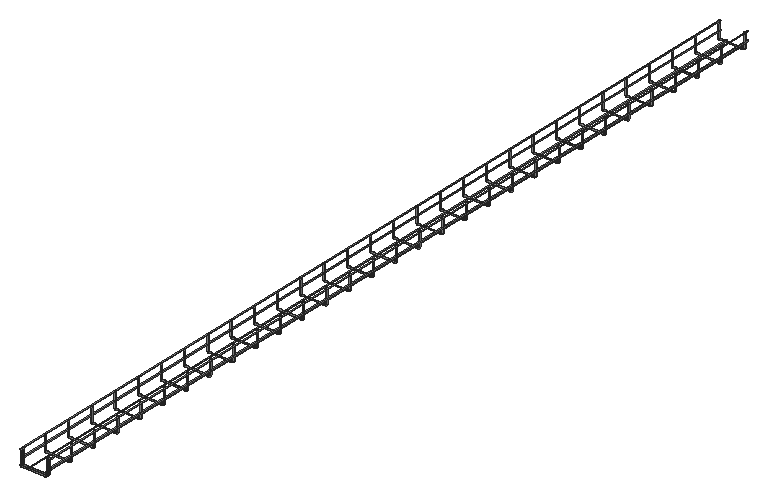
Revit family "Gitterrinne GRM - GRM 200 FT,G, A2,A4", category Generic Models, Revit 2017
Family settings
  Can host rebar = No
  Round Connector Dimension = Use Diameter
  Part Type = Normal
  Work Plane-Based = No
  Always vertical = Yes
  Cut with Voids When Loaded = No
  Shared = No
  Room Calculation Point = No
Parameters (values of type "GRM 55 200 A4")
  Width 1 = Width / 2  # 100 mm
  Width = 200 mm
  URL = "http://www.obo-bettermann.com"
  Material = Stainless steel, A4
  Manufacturer Art.No. = "6001091"
  Manufacturer = "OBO Bettermann"
  Length = 3000 mm
  GTIN = "4012195166061"
  Article Type = "GRM 55 200 A4"
Types (5, lengths in mm): name | Material | Manufacturer Art.No. | GTIN | Article Type
  (no name) | Stainless steel, A4 | "6001091" | "4012195166061" | "GRM 55 200 A4"
  GRM 55 200 G | Electrogalvanised | "6001446" | "4012196858613" | "GRM 55 200 G"
  GRM 55 200 FT | Hot-dip galvanised | "6001420" | "4012196814930" | "GRM 55 200 FT"
  GRM 55 200 A2 | Stainless steel, A2 | "6001076" | "4012196101412" | "GRM 55 200 A2"
  GRM 55 200 A4 | Stainless steel, A4 | "6001091" | "4012195166061" | "GRM 55 200 A4"
Reference planes
  plane 1 "Center (Front/Back)": y = 0
  plane 2: z = 0
  plane 3 "Center (Left/Right)": x = 0
  plane 4: y = -2991.37
  plane 5: y = 8.63
Forms (mm)
  Sweep 1, solid, material "Stainless steel, A4" <- "Material"
    path in 3D
      loop
        line (-44.9, 0, 0) -> (-44.9, 0, -48.992)
        arc (-44.9, 0, -48.992) -> (-43.755, 0, -51.755) -> (-40.992, 0, -52.9) r 3.908
        line (-40.992, 0, -52.9) -> (41.043, 0, -52.9)
        arc (41.043, 0, -52.9) -> (43.77, 0, -51.77) -> (44.9, 0, -49.043) r 3.857
        line (44.9, 0, -49.043) -> (44.9, 0, 0)
    profile origin (44.9, 0, -24.521) x (-1, 0, 0) y (0, -1, 0)
      loop
        circle (0, 0) r 1.9
  Extrusion 2, solid, material "Stainless steel, A4" <- "Material"
    sketch origin (0, 0, 0) x (1, 0, 0) y (0, 0, 1)
      loop
        circle (-48.1, -1.9) r 1.9
      loop
        circle (-48.1, -31) r 1.9
      loop
        circle (-25, -56.1) r 1.9
      loop
        circle (48.1, -1.9) r 1.9
      loop
        circle (48.1, -31) r 1.9
      loop
        circle (25, -56.1) r 1.9
    from -8.63 to 2991.37
  Sweep 3, solid, material "Stainless steel, A4" <- "Material"
    path in 3D
      loop
        line (-44.9, -100, 0) -> (-44.9, -100, -48.992)
        arc (-44.9, -100, -48.992) -> (-43.755, -100, -51.755) -> (-40.992, -100, -52.9) r 3.908
        line (-40.992, -100, -52.9) -> (41.043, -100, -52.9)
        arc (41.043, -100, -52.9) -> (43.77, -100, -51.77) -> (44.9, -100, -49.043) r 3.857
        line (44.9, -100, -49.043) -> (44.9, -100, 0)
    profile origin (44.9, -100, -24.521) x (-1, 0, 0) y (0, -1, 0)
      loop
        circle (0, 0) r 1.9
  Sweep 4, solid, material "Stainless steel, A4" <- "Material"
    path in 3D
      loop
        line (-44.9, -200, 0) -> (-44.9, -200, -48.992)
        arc (-44.9, -200, -48.992) -> (-43.755, -200, -51.755) -> (-40.992, -200, -52.9) r 3.908
        line (-40.992, -200, -52.9) -> (41.043, -200, -52.9)
        arc (41.043, -200, -52.9) -> (43.77, -200, -51.77) -> (44.9, -200, -49.043) r 3.857
        line (44.9, -200, -49.043) -> (44.9, -200, 0)
    profile origin (44.9, -200, -24.521) x (-1, 0, 0) y (0, -1, 0)
      loop
        circle (0, 0) r 1.9
  Sweep 5, solid, material "Stainless steel, A4" <- "Material"
    path in 3D
      loop
        line (-44.9, -300, 0) -> (-44.9, -300, -48.992)
        arc (-44.9, -300, -48.992) -> (-43.755, -300, -51.755) -> (-40.992, -300, -52.9) r 3.908
        line (-40.992, -300, -52.9) -> (41.043, -300, -52.9)
        arc (41.043, -300, -52.9) -> (43.77, -300, -51.77) -> (44.9, -300, -49.043) r 3.857
        line (44.9, -300, -49.043) -> (44.9, -300, 0)
    profile origin (44.9, -300, -24.521) x (-1, 0, 0) y (0, -1, 0)
      loop
        circle (0, 0) r 1.9
  Sweep 6, solid, material "Stainless steel, A4" <- "Material"
    path in 3D
      loop
        line (-44.9, -400, 0) -> (-44.9, -400, -48.992)
        arc (-44.9, -400, -48.992) -> (-43.755, -400, -51.755) -> (-40.992, -400, -52.9) r 3.908
        line (-40.992, -400, -52.9) -> (41.043, -400, -52.9)
        arc (41.043, -400, -52.9) -> (43.77, -400, -51.77) -> (44.9, -400, -49.043) r 3.857
        line (44.9, -400, -49.043) -> (44.9, -400, 0)
    profile origin (44.9, -400, -24.521) x (-1, 0, 0) y (0, -1, 0)
      loop
        circle (0, 0) r 1.9
  Sweep 7, solid, material "Stainless steel, A4" <- "Material"
    path in 3D
      loop
        line (-44.9, -500, 0) -> (-44.9, -500, -48.992)
        arc (-44.9, -500, -48.992) -> (-43.755, -500, -51.755) -> (-40.992, -500, -52.9) r 3.908
        line (-40.992, -500, -52.9) -> (41.043, -500, -52.9)
        arc (41.043, -500, -52.9) -> (43.77, -500, -51.77) -> (44.9, -500, -49.043) r 3.857
        line (44.9, -500, -49.043) -> (44.9, -500, 0)
    profile origin (44.9, -500, -24.521) x (-1, 0, 0) y (0, -1, 0)
      loop
        circle (0, 0) r 1.9
  Sweep 8, solid, material "Stainless steel, A4" <- "Material"
    path in 3D
      loop
        line (-44.9, -600, 0) -> (-44.9, -600, -48.992)
        arc (-44.9, -600, -48.992) -> (-43.755, -600, -51.755) -> (-40.992, -600, -52.9) r 3.908
        line (-40.992, -600, -52.9) -> (41.043, -600, -52.9)
        arc (41.043, -600, -52.9) -> (43.77, -600, -51.77) -> (44.9, -600, -49.043) r 3.857
        line (44.9, -600, -49.043) -> (44.9, -600, 0)
    profile origin (44.9, -600, -24.521) x (-1, 0, 0) y (0, -1, 0)
      loop
        circle (0, 0) r 1.9
  Sweep 9, solid, material "Stainless steel, A4" <- "Material"
    path in 3D
      loop
        line (-44.9, -700, 0) -> (-44.9, -700, -48.992)
        arc (-44.9, -700, -48.992) -> (-43.755, -700, -51.755) -> (-40.992, -700, -52.9) r 3.908
        line (-40.992, -700, -52.9) -> (41.043, -700, -52.9)
        arc (41.043, -700, -52.9) -> (43.77, -700, -51.77) -> (44.9, -700, -49.043) r 3.857
        line (44.9, -700, -49.043) -> (44.9, -700, 0)
    profile origin (44.9, -700, -24.521) x (-1, 0, 0) y (0, -1, 0)
      loop
        circle (0, 0) r 1.9
  Sweep 10, solid, material "Stainless steel, A4" <- "Material"
    path in 3D
      loop
        line (-44.9, -800, 0) -> (-44.9, -800, -48.992)
        arc (-44.9, -800, -48.992) -> (-43.755, -800, -51.755) -> (-40.992, -800, -52.9) r 3.908
        line (-40.992, -800, -52.9) -> (41.043, -800, -52.9)
        arc (41.043, -800, -52.9) -> (43.77, -800, -51.77) -> (44.9, -800, -49.043) r 3.857
        line (44.9, -800, -49.043) -> (44.9, -800, 0)
    profile origin (44.9, -800, -24.521) x (-1, 0, 0) y (0, -1, 0)
      loop
        circle (0, 0) r 1.9
  Sweep 11, solid, material "Stainless steel, A4" <- "Material"
    path in 3D
      loop
        line (-44.9, -900, 0) -> (-44.9, -900, -48.992)
        arc (-44.9, -900, -48.992) -> (-43.755, -900, -51.755) -> (-40.992, -900, -52.9) r 3.908
        line (-40.992, -900, -52.9) -> (41.043, -900, -52.9)
        arc (41.043, -900, -52.9) -> (43.77, -900, -51.77) -> (44.9, -900, -49.043) r 3.857
        line (44.9, -900, -49.043) -> (44.9, -900, 0)
    profile origin (44.9, -900, -24.521) x (-1, 0, 0) y (0, -1, 0)
      loop
        circle (0, 0) r 1.9
  Sweep 12, solid, material "Stainless steel, A4" <- "Material"
    path in 3D
      loop
        line (-44.9, -1000, 0) -> (-44.9, -1000, -48.992)
        arc (-44.9, -1000, -48.992) -> (-43.755, -1000, -51.755) -> (-40.992, -1000, -52.9) r 3.908
        line (-40.992, -1000, -52.9) -> (41.043, -1000, -52.9)
        arc (41.043, -1000, -52.9) -> (43.77, -1000, -51.77) -> (44.9, -1000, -49.043) r 3.857
        line (44.9, -1000, -49.043) -> (44.9, -1000, 0)
    profile origin (44.9, -1000, -24.521) x (-1, 0, 0) y (0, -1, 0)
      loop
        circle (0, 0) r 1.9
  Sweep 13, solid, material "Stainless steel, A4" <- "Material"
    path in 3D
      loop
        line (-44.9, -1100, 0) -> (-44.9, -1100, -48.992)
        arc (-44.9, -1100, -48.992) -> (-43.755, -1100, -51.755) -> (-40.992, -1100, -52.9) r 3.908
        line (-40.992, -1100, -52.9) -> (41.043, -1100, -52.9)
        arc (41.043, -1100, -52.9) -> (43.77, -1100, -51.77) -> (44.9, -1100, -49.043) r 3.857
        line (44.9, -1100, -49.043) -> (44.9, -1100, 0)
    profile origin (44.9, -1100, -24.521) x (-1, 0, 0) y (0, -1, 0)
      loop
        circle (0, 0) r 1.9
  Sweep 14, solid, material "Stainless steel, A4" <- "Material"
    path in 3D
      loop
        line (-44.9, -1200, 0) -> (-44.9, -1200, -48.992)
        arc (-44.9, -1200, -48.992) -> (-43.755, -1200, -51.755) -> (-40.992, -1200, -52.9) r 3.908
        line (-40.992, -1200, -52.9) -> (41.043, -1200, -52.9)
        arc (41.043, -1200, -52.9) -> (43.77, -1200, -51.77) -> (44.9, -1200, -49.043) r 3.857
        line (44.9, -1200, -49.043) -> (44.9, -1200, 0)
    profile origin (44.9, -1200, -24.521) x (-1, 0, 0) y (0, -1, 0)
      loop
        circle (0, 0) r 1.9
  Sweep 15, solid, material "Stainless steel, A4" <- "Material"
    path in 3D
      loop
        line (-44.9, -1300, 0) -> (-44.9, -1300, -48.992)
        arc (-44.9, -1300, -48.992) -> (-43.755, -1300, -51.755) -> (-40.992, -1300, -52.9) r 3.908
        line (-40.992, -1300, -52.9) -> (41.043, -1300, -52.9)
        arc (41.043, -1300, -52.9) -> (43.77, -1300, -51.77) -> (44.9, -1300, -49.043) r 3.857
        line (44.9, -1300, -49.043) -> (44.9, -1300, 0)
    profile origin (44.9, -1300, -24.521) x (-1, 0, 0) y (0, -1, 0)
      loop
        circle (0, 0) r 1.9
  Sweep 16, solid, material "Stainless steel, A4" <- "Material"
    path in 3D
      loop
        line (-44.9, -1400, 0) -> (-44.9, -1400, -48.992)
        arc (-44.9, -1400, -48.992) -> (-43.755, -1400, -51.755) -> (-40.992, -1400, -52.9) r 3.908
        line (-40.992, -1400, -52.9) -> (41.043, -1400, -52.9)
        arc (41.043, -1400, -52.9) -> (43.77, -1400, -51.77) -> (44.9, -1400, -49.043) r 3.857
        line (44.9, -1400, -49.043) -> (44.9, -1400, 0)
    profile origin (44.9, -1400, -24.521) x (-1, 0, 0) y (0, -1, 0)
      loop
        circle (0, 0) r 1.9
  Sweep 17, solid, material "Stainless steel, A4" <- "Material"
    path in 3D
      loop
        line (-44.9, -1500, 0) -> (-44.9, -1500, -48.992)
        arc (-44.9, -1500, -48.992) -> (-43.755, -1500, -51.755) -> (-40.992, -1500, -52.9) r 3.908
        line (-40.992, -1500, -52.9) -> (41.043, -1500, -52.9)
        arc (41.043, -1500, -52.9) -> (43.77, -1500, -51.77) -> (44.9, -1500, -49.043) r 3.857
        line (44.9, -1500, -49.043) -> (44.9, -1500, 0)
    profile origin (44.9, -1500, -24.521) x (-1, 0, 0) y (0, -1, 0)
      loop
        circle (0, 0) r 1.9
  Sweep 18, solid, material "Stainless steel, A4" <- "Material"
    path in 3D
      loop
        line (-44.9, -1600, 0) -> (-44.9, -1600, -48.992)
        arc (-44.9, -1600, -48.992) -> (-43.755, -1600, -51.755) -> (-40.992, -1600, -52.9) r 3.908
        line (-40.992, -1600, -52.9) -> (41.043, -1600, -52.9)
        arc (41.043, -1600, -52.9) -> (43.77, -1600, -51.77) -> (44.9, -1600, -49.043) r 3.857
        line (44.9, -1600, -49.043) -> (44.9, -1600, 0)
    profile origin (44.9, -1600, -24.521) x (-1, 0, 0) y (0, -1, 0)
      loop
        circle (0, 0) r 1.9
  Sweep 19, solid, material "Stainless steel, A4" <- "Material"
    path in 3D
      loop
        line (-44.9, -1700, 0) -> (-44.9, -1700, -48.992)
        arc (-44.9, -1700, -48.992) -> (-43.755, -1700, -51.755) -> (-40.992, -1700, -52.9) r 3.908
        line (-40.992, -1700, -52.9) -> (41.043, -1700, -52.9)
        arc (41.043, -1700, -52.9) -> (43.77, -1700, -51.77) -> (44.9, -1700, -49.043) r 3.857
        line (44.9, -1700, -49.043) -> (44.9, -1700, 0)
    profile origin (44.9, -1700, -24.521) x (-1, 0, 0) y (0, -1, 0)
      loop
        circle (0, 0) r 1.9
  Sweep 20, solid, material "Stainless steel, A4" <- "Material"
    path in 3D
      loop
        line (-44.9, -1800, 0) -> (-44.9, -1800, -48.992)
        arc (-44.9, -1800, -48.992) -> (-43.755, -1800, -51.755) -> (-40.992, -1800, -52.9) r 3.908
        line (-40.992, -1800, -52.9) -> (41.043, -1800, -52.9)
        arc (41.043, -1800, -52.9) -> (43.77, -1800, -51.77) -> (44.9, -1800, -49.043) r 3.857
        line (44.9, -1800, -49.043) -> (44.9, -1800, 0)
    profile origin (44.9, -1800, -24.521) x (-1, 0, 0) y (0, -1, 0)
      loop
        circle (0, 0) r 1.9
  Sweep 21, solid, material "Stainless steel, A4" <- "Material"
    path in 3D
      loop
        line (-44.9, -1900, 0) -> (-44.9, -1900, -48.992)
        arc (-44.9, -1900, -48.992) -> (-43.755, -1900, -51.755) -> (-40.992, -1900, -52.9) r 3.908
        line (-40.992, -1900, -52.9) -> (41.043, -1900, -52.9)
        arc (41.043, -1900, -52.9) -> (43.77, -1900, -51.77) -> (44.9, -1900, -49.043) r 3.857
        line (44.9, -1900, -49.043) -> (44.9, -1900, 0)
    profile origin (44.9, -1900, -24.521) x (-1, 0, 0) y (0, -1, 0)
      loop
        circle (0, 0) r 1.9
  Sweep 22, solid, material "Stainless steel, A4" <- "Material"
    path in 3D
      loop
        line (-44.9, -2000, 0) -> (-44.9, -2000, -48.992)
        arc (-44.9, -2000, -48.992) -> (-43.755, -2000, -51.755) -> (-40.992, -2000, -52.9) r 3.908
        line (-40.992, -2000, -52.9) -> (41.043, -2000, -52.9)
        arc (41.043, -2000, -52.9) -> (43.77, -2000, -51.77) -> (44.9, -2000, -49.043) r 3.857
        line (44.9, -2000, -49.043) -> (44.9, -2000, 0)
    profile origin (44.9, -2000, -24.521) x (-1, 0, 0) y (0, -1, 0)
      loop
        circle (0, 0) r 1.9
  Sweep 23, solid, material "Stainless steel, A4" <- "Material"
    path in 3D
      loop
        line (-44.9, -2100, 0) -> (-44.9, -2100, -48.992)
        arc (-44.9, -2100, -48.992) -> (-43.755, -2100, -51.755) -> (-40.992, -2100, -52.9) r 3.908
        line (-40.992, -2100, -52.9) -> (41.043, -2100, -52.9)
        arc (41.043, -2100, -52.9) -> (43.77, -2100, -51.77) -> (44.9, -2100, -49.043) r 3.857
        line (44.9, -2100, -49.043) -> (44.9, -2100, 0)
    profile origin (44.9, -2100, -24.521) x (-1, 0, 0) y (0, -1, 0)
      loop
        circle (0, 0) r 1.9
  Sweep 24, solid, material "Stainless steel, A4" <- "Material"
    path in 3D
      loop
        line (-44.9, -2200, 0) -> (-44.9, -2200, -48.992)
        arc (-44.9, -2200, -48.992) -> (-43.755, -2200, -51.755) -> (-40.992, -2200, -52.9) r 3.908
        line (-40.992, -2200, -52.9) -> (41.043, -2200, -52.9)
        arc (41.043, -2200, -52.9) -> (43.77, -2200, -51.77) -> (44.9, -2200, -49.043) r 3.857
        line (44.9, -2200, -49.043) -> (44.9, -2200, 0)
    profile origin (44.9, -2200, -24.521) x (-1, 0, 0) y (0, -1, 0)
      loop
        circle (0, 0) r 1.9
  Sweep 25, solid, material "Stainless steel, A4" <- "Material"
    path in 3D
      loop
        line (-44.9, -2300, 0) -> (-44.9, -2300, -48.992)
        arc (-44.9, -2300, -48.992) -> (-43.755, -2300, -51.755) -> (-40.992, -2300, -52.9) r 3.908
        line (-40.992, -2300, -52.9) -> (41.043, -2300, -52.9)
        arc (41.043, -2300, -52.9) -> (43.77, -2300, -51.77) -> (44.9, -2300, -49.043) r 3.857
        line (44.9, -2300, -49.043) -> (44.9, -2300, 0)
    profile origin (44.9, -2300, -24.521) x (-1, 0, 0) y (0, -1, 0)
      loop
        circle (0, 0) r 1.9
  Sweep 26, solid, material "Stainless steel, A4" <- "Material"
    path in 3D
      loop
        line (-44.9, -2400, 0) -> (-44.9, -2400, -48.992)
        arc (-44.9, -2400, -48.992) -> (-43.755, -2400, -51.755) -> (-40.992, -2400, -52.9) r 3.908
        line (-40.992, -2400, -52.9) -> (41.043, -2400, -52.9)
        arc (41.043, -2400, -52.9) -> (43.77, -2400, -51.77) -> (44.9, -2400, -49.043) r 3.857
        line (44.9, -2400, -49.043) -> (44.9, -2400, 0)
    profile origin (44.9, -2400, -24.521) x (-1, 0, 0) y (0, -1, 0)
      loop
        circle (0, 0) r 1.9
  Sweep 27, solid, material "Stainless steel, A4" <- "Material"
    path in 3D
      loop
        line (-44.9, -2500, 0) -> (-44.9, -2500, -48.992)
        arc (-44.9, -2500, -48.992) -> (-43.755, -2500, -51.755) -> (-40.992, -2500, -52.9) r 3.908
        line (-40.992, -2500, -52.9) -> (41.043, -2500, -52.9)
        arc (41.043, -2500, -52.9) -> (43.77, -2500, -51.77) -> (44.9, -2500, -49.043) r 3.857
        line (44.9, -2500, -49.043) -> (44.9, -2500, 0)
    profile origin (44.9, -2500, -24.521) x (-1, 0, 0) y (0, -1, 0)
      loop
        circle (0, 0) r 1.9
  Sweep 28, solid, material "Stainless steel, A4" <- "Material"
    path in 3D
      loop
        line (-44.9, -2600, 0) -> (-44.9, -2600, -48.992)
        arc (-44.9, -2600, -48.992) -> (-43.755, -2600, -51.755) -> (-40.992, -2600, -52.9) r 3.908
        line (-40.992, -2600, -52.9) -> (41.043, -2600, -52.9)
        arc (41.043, -2600, -52.9) -> (43.77, -2600, -51.77) -> (44.9, -2600, -49.043) r 3.857
        line (44.9, -2600, -49.043) -> (44.9, -2600, 0)
    profile origin (44.9, -2600, -24.521) x (-1, 0, 0) y (0, -1, 0)
      loop
        circle (0, 0) r 1.9
  Sweep 29, solid, material "Stainless steel, A4" <- "Material"
    path in 3D
      loop
        line (-44.9, -2700, 0) -> (-44.9, -2700, -48.992)
        arc (-44.9, -2700, -48.992) -> (-43.755, -2700, -51.755) -> (-40.992, -2700, -52.9) r 3.908
        line (-40.992, -2700, -52.9) -> (41.043, -2700, -52.9)
        arc (41.043, -2700, -52.9) -> (43.77, -2700, -51.77) -> (44.9, -2700, -49.043) r 3.857
        line (44.9, -2700, -49.043) -> (44.9, -2700, 0)
    profile origin (44.9, -2700, -24.521) x (-1, 0, 0) y (0, -1, 0)
      loop
        circle (0, 0) r 1.9
  Sweep 30, solid, material "Stainless steel, A4" <- "Material"
    path in 3D
      loop
        line (-44.9, -2800, 0) -> (-44.9, -2800, -48.992)
        arc (-44.9, -2800, -48.992) -> (-43.755, -2800, -51.755) -> (-40.992, -2800, -52.9) r 3.908
        line (-40.992, -2800, -52.9) -> (41.043, -2800, -52.9)
        arc (41.043, -2800, -52.9) -> (43.77, -2800, -51.77) -> (44.9, -2800, -49.043) r 3.857
        line (44.9, -2800, -49.043) -> (44.9, -2800, 0)
    profile origin (44.9, -2800, -24.521) x (-1, 0, 0) y (0, -1, 0)
      loop
        circle (0, 0) r 1.9
  Sweep 31, solid, material "Stainless steel, A4" <- "Material"
    path in 3D
      loop
        line (-44.9, -2900, 0) -> (-44.9, -2900, -48.992)
        arc (-44.9, -2900, -48.992) -> (-43.755, -2900, -51.755) -> (-40.992, -2900, -52.9) r 3.908
        line (-40.992, -2900, -52.9) -> (41.043, -2900, -52.9)
        arc (41.043, -2900, -52.9) -> (43.77, -2900, -51.77) -> (44.9, -2900, -49.043) r 3.857
        line (44.9, -2900, -49.043) -> (44.9, -2900, 0)
    profile origin (44.9, -2900, -24.521) x (-1, 0, 0) y (0, -1, 0)
      loop
        circle (0, 0) r 1.9
  Sweep 32, solid, material "Stainless steel, A4" <- "Material"
    path in 3D
      loop
        line (-44.9, -2995.782, 0) -> (-44.9, -2995.782, -48.992)
        arc (-44.9, -2995.782, -48.992) -> (-43.755, -2995.782, -51.755) -> (-40.992, -2995.782, -52.9) r 3.908
        line (-40.992, -2995.782, -52.9) -> (41.043, -2995.782, -52.9)
        arc (41.043, -2995.782, -52.9) -> (43.77, -2995.782, -51.77) -> (44.9, -2995.782, -49.043) r 3.857
        line (44.9, -2995.782, -49.043) -> (44.9, -2995.782, 0)
    profile origin (44.9, -2995.782, -24.521) x (-1, 0, 0) y (0, -1, 0)
      loop
        circle (0, 0) r 1.9
  Sweep 33, solid, material "Stainless steel, A4" <- "Material"
    path in 3D
      loop
        line (-44.9, -3004.099, 0) -> (-44.9, -3004.099, -48.992)
        arc (-44.9, -3004.099, -48.992) -> (-43.755, -3004.099, -51.755) -> (-40.992, -3004.099, -52.9) r 3.908
        line (-40.992, -3004.099, -52.9) -> (41.043, -3004.099, -52.9)
        arc (41.043, -3004.099, -52.9) -> (43.77, -3004.099, -51.77) -> (44.9, -3004.099, -49.043) r 3.857
        line (44.9, -3004.099, -49.043) -> (44.9, -3004.099, 0)
    profile origin (44.9, -3004.099, -24.521) x (-1, 0, 0) y (0, -1, 0)
      loop
        circle (0, 0) r 1.9
Lines and regions (mm)
  reference lines
    curve 1: line (-100, 0, 0) -> (-100, 0, -48.992)
    curve 2: line (-96.092, 0, -52.9) -> (96.143, 0, -52.9)
    curve 3: line (100, 0, -49.043) -> (100, 0, 0)
    curve 4: arc (96.143, 0, -52.9) -> (98.87, 0, -51.77) -> (100, 0, -49.043) r 3.857
    curve 5: arc (-100, 0, -48.992) -> (-98.855, 0, -51.755) -> (-96.092, 0, -52.9) r 3.908
  sketch lines
    curve 6: line (44.9, 0, -49.043) -> (44.9, 0, 0)
    curve 7: arc (41.043, 0, -52.9) -> (43.77, 0, -51.77) -> (44.9, 0, -49.043) r 3.857
    curve 8: line (-40.992, 0, -52.9) -> (41.043, 0, -52.9)
    curve 9: arc (-44.9, 0, -48.992) -> (-43.755, 0, -51.755) -> (-40.992, 0, -52.9) r 3.908
    curve 10: line (-44.9, 0, 0) -> (-44.9, 0, -48.992)
    curve 11: line (44.9, -100, -49.043) -> (44.9, -100, 0)
    curve 12: arc (41.043, -100, -52.9) -> (43.77, -100, -51.77) -> (44.9, -100, -49.043) r 3.857
    curve 13: line (-40.992, -100, -52.9) -> (41.043, -100, -52.9)
    curve 14: arc (-44.9, -100, -48.992) -> (-43.755, -100, -51.755) -> (-40.992, -100, -52.9) r 3.908
    curve 15: line (-44.9, -100, 0) -> (-44.9, -100, -48.992)
    curve 16: line (44.9, -200, -49.043) -> (44.9, -200, 0)
    curve 17: arc (41.043, -200, -52.9) -> (43.77, -200, -51.77) -> (44.9, -200, -49.043) r 3.857
    curve 18: line (-40.992, -200, -52.9) -> (41.043, -200, -52.9)
    curve 19: arc (-44.9, -200, -48.992) -> (-43.755, -200, -51.755) -> (-40.992, -200, -52.9) r 3.908
    curve 20: line (-44.9, -200, 0) -> (-44.9, -200, -48.992)
    curve 21: line (44.9, -300, -49.043) -> (44.9, -300, 0)
    curve 22: arc (41.043, -300, -52.9) -> (43.77, -300, -51.77) -> (44.9, -300, -49.043) r 3.857
    curve 23: line (-40.992, -300, -52.9) -> (41.043, -300, -52.9)
    curve 24: arc (-44.9, -300, -48.992) -> (-43.755, -300, -51.755) -> (-40.992, -300, -52.9) r 3.908
    curve 25: line (-44.9, -300, 0) -> (-44.9, -300, -48.992)
    curve 26: line (44.9, -400, -49.043) -> (44.9, -400, 0)
    curve 27: arc (41.043, -400, -52.9) -> (43.77, -400, -51.77) -> (44.9, -400, -49.043) r 3.857
    curve 28: line (-40.992, -400, -52.9) -> (41.043, -400, -52.9)
    curve 29: arc (-44.9, -400, -48.992) -> (-43.755, -400, -51.755) -> (-40.992, -400, -52.9) r 3.908
    curve 30: line (-44.9, -400, 0) -> (-44.9, -400, -48.992)
    curve 31: line (44.9, -500, -49.043) -> (44.9, -500, 0)
    curve 32: arc (41.043, -500, -52.9) -> (43.77, -500, -51.77) -> (44.9, -500, -49.043) r 3.857
    curve 33: line (-40.992, -500, -52.9) -> (41.043, -500, -52.9)
    curve 34: arc (-44.9, -500, -48.992) -> (-43.755, -500, -51.755) -> (-40.992, -500, -52.9) r 3.908
    curve 35: line (-44.9, -500, 0) -> (-44.9, -500, -48.992)
    curve 36: line (44.9, -600, -49.043) -> (44.9, -600, 0)
    curve 37: arc (41.043, -600, -52.9) -> (43.77, -600, -51.77) -> (44.9, -600, -49.043) r 3.857
    curve 38: line (-40.992, -600, -52.9) -> (41.043, -600, -52.9)
    curve 39: arc (-44.9, -600, -48.992) -> (-43.755, -600, -51.755) -> (-40.992, -600, -52.9) r 3.908
    curve 40: line (-44.9, -600, 0) -> (-44.9, -600, -48.992)
    curve 41: line (44.9, -700, -49.043) -> (44.9, -700, 0)
    curve 42: arc (41.043, -700, -52.9) -> (43.77, -700, -51.77) -> (44.9, -700, -49.043) r 3.857
    curve 43: line (-40.992, -700, -52.9) -> (41.043, -700, -52.9)
    curve 44: arc (-44.9, -700, -48.992) -> (-43.755, -700, -51.755) -> (-40.992, -700, -52.9) r 3.908
    curve 45: line (-44.9, -700, 0) -> (-44.9, -700, -48.992)
    curve 46: line (44.9, -800, -49.043) -> (44.9, -800, 0)
    curve 47: arc (41.043, -800, -52.9) -> (43.77, -800, -51.77) -> (44.9, -800, -49.043) r 3.857
    curve 48: line (-40.992, -800, -52.9) -> (41.043, -800, -52.9)
    curve 49: arc (-44.9, -800, -48.992) -> (-43.755, -800, -51.755) -> (-40.992, -800, -52.9) r 3.908
    curve 50: line (-44.9, -800, 0) -> (-44.9, -800, -48.992)
    curve 51: line (44.9, -900, -49.043) -> (44.9, -900, 0)
    curve 52: arc (41.043, -900, -52.9) -> (43.77, -900, -51.77) -> (44.9, -900, -49.043) r 3.857
    curve 53: line (-40.992, -900, -52.9) -> (41.043, -900, -52.9)
    curve 54: arc (-44.9, -900, -48.992) -> (-43.755, -900, -51.755) -> (-40.992, -900, -52.9) r 3.908
    curve 55: line (-44.9, -900, 0) -> (-44.9, -900, -48.992)
    curve 56: line (44.9, -1000, -49.043) -> (44.9, -1000, 0)
    curve 57: arc (41.043, -1000, -52.9) -> (43.77, -1000, -51.77) -> (44.9, -1000, -49.043) r 3.857
    curve 58: line (-40.992, -1000, -52.9) -> (41.043, -1000, -52.9)
    curve 59: arc (-44.9, -1000, -48.992) -> (-43.755, -1000, -51.755) -> (-40.992, -1000, -52.9) r 3.908
    curve 60: line (-44.9, -1000, 0) -> (-44.9, -1000, -48.992)
    curve 61: line (44.9, -1100, -49.043) -> (44.9, -1100, 0)
    curve 62: arc (41.043, -1100, -52.9) -> (43.77, -1100, -51.77) -> (44.9, -1100, -49.043) r 3.857
    curve 63: line (-40.992, -1100, -52.9) -> (41.043, -1100, -52.9)
    curve 64: arc (-44.9, -1100, -48.992) -> (-43.755, -1100, -51.755) -> (-40.992, -1100, -52.9) r 3.908
    curve 65: line (-44.9, -1100, 0) -> (-44.9, -1100, -48.992)
    curve 66: line (44.9, -1200, -49.043) -> (44.9, -1200, 0)
    curve 67: arc (41.043, -1200, -52.9) -> (43.77, -1200, -51.77) -> (44.9, -1200, -49.043) r 3.857
    curve 68: line (-40.992, -1200, -52.9) -> (41.043, -1200, -52.9)
    curve 69: arc (-44.9, -1200, -48.992) -> (-43.755, -1200, -51.755) -> (-40.992, -1200, -52.9) r 3.908
    curve 70: line (-44.9, -1200, 0) -> (-44.9, -1200, -48.992)
    curve 71: line (44.9, -1300, -49.043) -> (44.9, -1300, 0)
    curve 72: arc (41.043, -1300, -52.9) -> (43.77, -1300, -51.77) -> (44.9, -1300, -49.043) r 3.857
    curve 73: line (-40.992, -1300, -52.9) -> (41.043, -1300, -52.9)
    curve 74: arc (-44.9, -1300, -48.992) -> (-43.755, -1300, -51.755) -> (-40.992, -1300, -52.9) r 3.908
    curve 75: line (-44.9, -1300, 0) -> (-44.9, -1300, -48.992)
    curve 76: line (44.9, -1400, -49.043) -> (44.9, -1400, 0)
    curve 77: arc (41.043, -1400, -52.9) -> (43.77, -1400, -51.77) -> (44.9, -1400, -49.043) r 3.857
    curve 78: line (-40.992, -1400, -52.9) -> (41.043, -1400, -52.9)
    curve 79: arc (-44.9, -1400, -48.992) -> (-43.755, -1400, -51.755) -> (-40.992, -1400, -52.9) r 3.908
    curve 80: line (-44.9, -1400, 0) -> (-44.9, -1400, -48.992)
    curve 81: line (44.9, -1500, -49.043) -> (44.9, -1500, 0)
    curve 82: arc (41.043, -1500, -52.9) -> (43.77, -1500, -51.77) -> (44.9, -1500, -49.043) r 3.857
    curve 83: line (-40.992, -1500, -52.9) -> (41.043, -1500, -52.9)
    curve 84: arc (-44.9, -1500, -48.992) -> (-43.755, -1500, -51.755) -> (-40.992, -1500, -52.9) r 3.908
    curve 85: line (-44.9, -1500, 0) -> (-44.9, -1500, -48.992)
    curve 86: line (44.9, -1600, -49.043) -> (44.9, -1600, 0)
    curve 87: arc (41.043, -1600, -52.9) -> (43.77, -1600, -51.77) -> (44.9, -1600, -49.043) r 3.857
    curve 88: line (-40.992, -1600, -52.9) -> (41.043, -1600, -52.9)
    curve 89: arc (-44.9, -1600, -48.992) -> (-43.755, -1600, -51.755) -> (-40.992, -1600, -52.9) r 3.908
    curve 90: line (-44.9, -1600, 0) -> (-44.9, -1600, -48.992)
    curve 91: line (44.9, -1700, -49.043) -> (44.9, -1700, 0)
    curve 92: arc (41.043, -1700, -52.9) -> (43.77, -1700, -51.77) -> (44.9, -1700, -49.043) r 3.857
    curve 93: line (-40.992, -1700, -52.9) -> (41.043, -1700, -52.9)
    curve 94: arc (-44.9, -1700, -48.992) -> (-43.755, -1700, -51.755) -> (-40.992, -1700, -52.9) r 3.908
    curve 95: line (-44.9, -1700, 0) -> (-44.9, -1700, -48.992)
    curve 96: line (44.9, -1800, -49.043) -> (44.9, -1800, 0)
    curve 97: arc (41.043, -1800, -52.9) -> (43.77, -1800, -51.77) -> (44.9, -1800, -49.043) r 3.857
    curve 98: line (-40.992, -1800, -52.9) -> (41.043, -1800, -52.9)
    curve 99: arc (-44.9, -1800, -48.992) -> (-43.755, -1800, -51.755) -> (-40.992, -1800, -52.9) r 3.908
    curve 100: line (-44.9, -1800, 0) -> (-44.9, -1800, -48.992)
    curve 101: line (44.9, -1900, -49.043) -> (44.9, -1900, 0)
    curve 102: arc (41.043, -1900, -52.9) -> (43.77, -1900, -51.77) -> (44.9, -1900, -49.043) r 3.857
    curve 103: line (-40.992, -1900, -52.9) -> (41.043, -1900, -52.9)
    curve 104: arc (-44.9, -1900, -48.992) -> (-43.755, -1900, -51.755) -> (-40.992, -1900, -52.9) r 3.908
    curve 105: line (-44.9, -1900, 0) -> (-44.9, -1900, -48.992)
    curve 106: line (44.9, -2000, -49.043) -> (44.9, -2000, 0)
    curve 107: arc (41.043, -2000, -52.9) -> (43.77, -2000, -51.77) -> (44.9, -2000, -49.043) r 3.857
    curve 108: line (-40.992, -2000, -52.9) -> (41.043, -2000, -52.9)
    curve 109: arc (-44.9, -2000, -48.992) -> (-43.755, -2000, -51.755) -> (-40.992, -2000, -52.9) r 3.908
    curve 110: line (-44.9, -2000, 0) -> (-44.9, -2000, -48.992)
    curve 111: line (44.9, -2100, -49.043) -> (44.9, -2100, 0)
    curve 112: arc (41.043, -2100, -52.9) -> (43.77, -2100, -51.77) -> (44.9, -2100, -49.043) r 3.857
    curve 113: line (-40.992, -2100, -52.9) -> (41.043, -2100, -52.9)
    curve 114: arc (-44.9, -2100, -48.992) -> (-43.755, -2100, -51.755) -> (-40.992, -2100, -52.9) r 3.908
    curve 115: line (-44.9, -2100, 0) -> (-44.9, -2100, -48.992)
    curve 116: line (44.9, -2200, -49.043) -> (44.9, -2200, 0)
    curve 117: arc (41.043, -2200, -52.9) -> (43.77, -2200, -51.77) -> (44.9, -2200, -49.043) r 3.857
    curve 118: line (-40.992, -2200, -52.9) -> (41.043, -2200, -52.9)
    curve 119: arc (-44.9, -2200, -48.992) -> (-43.755, -2200, -51.755) -> (-40.992, -2200, -52.9) r 3.908
    curve 120: line (-44.9, -2200, 0) -> (-44.9, -2200, -48.992)
    curve 121: line (44.9, -2300, -49.043) -> (44.9, -2300, 0)
    curve 122: arc (41.043, -2300, -52.9) -> (43.77, -2300, -51.77) -> (44.9, -2300, -49.043) r 3.857
    curve 123: line (-40.992, -2300, -52.9) -> (41.043, -2300, -52.9)
    curve 124: arc (-44.9, -2300, -48.992) -> (-43.755, -2300, -51.755) -> (-40.992, -2300, -52.9) r 3.908
    curve 125: line (-44.9, -2300, 0) -> (-44.9, -2300, -48.992)
    curve 126: line (44.9, -2400, -49.043) -> (44.9, -2400, 0)
    curve 127: arc (41.043, -2400, -52.9) -> (43.77, -2400, -51.77) -> (44.9, -2400, -49.043) r 3.857
    curve 128: line (-40.992, -2400, -52.9) -> (41.043, -2400, -52.9)
    curve 129: arc (-44.9, -2400, -48.992) -> (-43.755, -2400, -51.755) -> (-40.992, -2400, -52.9) r 3.908
    curve 130: line (-44.9, -2400, 0) -> (-44.9, -2400, -48.992)
    curve 131: line (44.9, -2500, -49.043) -> (44.9, -2500, 0)
    curve 132: arc (41.043, -2500, -52.9) -> (43.77, -2500, -51.77) -> (44.9, -2500, -49.043) r 3.857
    curve 133: line (-40.992, -2500, -52.9) -> (41.043, -2500, -52.9)
    curve 134: arc (-44.9, -2500, -48.992) -> (-43.755, -2500, -51.755) -> (-40.992, -2500, -52.9) r 3.908
    curve 135: line (-44.9, -2500, 0) -> (-44.9, -2500, -48.992)
    curve 136: line (44.9, -2600, -49.043) -> (44.9, -2600, 0)
    curve 137: arc (41.043, -2600, -52.9) -> (43.77, -2600, -51.77) -> (44.9, -2600, -49.043) r 3.857
    curve 138: line (-40.992, -2600, -52.9) -> (41.043, -2600, -52.9)
    curve 139: arc (-44.9, -2600, -48.992) -> (-43.755, -2600, -51.755) -> (-40.992, -2600, -52.9) r 3.908
    curve 140: line (-44.9, -2600, 0) -> (-44.9, -2600, -48.992)
    curve 141: line (44.9, -2700, -49.043) -> (44.9, -2700, 0)
    curve 142: arc (41.043, -2700, -52.9) -> (43.77, -2700, -51.77) -> (44.9, -2700, -49.043) r 3.857
    curve 143: line (-40.992, -2700, -52.9) -> (41.043, -2700, -52.9)
    curve 144: arc (-44.9, -2700, -48.992) -> (-43.755, -2700, -51.755) -> (-40.992, -2700, -52.9) r 3.908
    curve 145: line (-44.9, -2700, 0) -> (-44.9, -2700, -48.992)
    curve 146: line (44.9, -2800, -49.043) -> (44.9, -2800, 0)
    curve 147: arc (41.043, -2800, -52.9) -> (43.77, -2800, -51.77) -> (44.9, -2800, -49.043) r 3.857
    curve 148: line (-40.992, -2800, -52.9) -> (41.043, -2800, -52.9)
    curve 149: arc (-44.9, -2800, -48.992) -> (-43.755, -2800, -51.755) -> (-40.992, -2800, -52.9) r 3.908
    curve 150: line (-44.9, -2800, 0) -> (-44.9, -2800, -48.992)
    curve 151: line (44.9, -2900, -49.043) -> (44.9, -2900, 0)
    curve 152: arc (41.043, -2900, -52.9) -> (43.77, -2900, -51.77) -> (44.9, -2900, -49.043) r 3.857
    curve 153: line (-40.992, -2900, -52.9) -> (41.043, -2900, -52.9)
    curve 154: arc (-44.9, -2900, -48.992) -> (-43.755, -2900, -51.755) -> (-40.992, -2900, -52.9) r 3.908
    curve 155: line (-44.9, -2900, 0) -> (-44.9, -2900, -48.992)
    curve 156: line (44.9, -2995.782, -49.043) -> (44.9, -2995.782, 0)
    curve 157: arc (41.043, -2995.782, -52.9) -> (43.77, -2995.782, -51.77) -> (44.9, -2995.782, -49.043) r 3.857
    curve 158: line (-40.992, -2995.782, -52.9) -> (41.043, -2995.782, -52.9)
    curve 159: arc (-44.9, -2995.782, -48.992) -> (-43.755, -2995.782, -51.755) -> (-40.992, -2995.782, -52.9) r 3.908
    curve 160: line (-44.9, -2995.782, 0) -> (-44.9, -2995.782, -48.992)
    curve 161: line (44.9, -3004.099, -49.043) -> (44.9, -3004.099, 0)
    curve 162: arc (41.043, -3004.099, -52.9) -> (43.77, -3004.099, -51.77) -> (44.9, -3004.099, -49.043) r 3.857
    curve 163: line (-40.992, -3004.099, -52.9) -> (41.043, -3004.099, -52.9)
    curve 164: arc (-44.9, -3004.099, -48.992) -> (-43.755, -3004.099, -51.755) -> (-40.992, -3004.099, -52.9) r 3.908
    curve 165: line (-44.9, -3004.099, 0) -> (-44.9, -3004.099, -48.992)
Dimensions and locks
  "Width": curve 1 to curve 3
  "Width 1": curve 1 to plane 3 "Center (Left/Right)"
  locked: level to curve 2 at 52.9
  locked: plane 3 "Center (Left/Right)" to Extrusion 2 sketch curve at 48.1  (x2)
  locked: Extrusion 2 sketch curve to curve 2 at 51  (x2)
  locked: Extrusion 2 sketch curve to curve 2 at 21.9  (x2)
  locked: plane 3 "Center (Left/Right)" to Extrusion 2 sketch curve at 25
  locked: curve 2 to Extrusion 2 sketch curve at 3.2  (x2)
  locked: Extrusion 2 sketch curve to plane 3 "Center (Left/Right)" at 48.1  (x2)
  locked: Extrusion 2 sketch curve to plane 3 "Center (Left/Right)" at 25
  locked: plane 1 "Center (Front/Back)" to plane 5 at 8.63
  "Length": plane 5 to plane 4
  radius of curve 5 = 3.908 mm
  radius of curve 4 = 3.857 mm
  diameter of Sweep 1 sketch curve = 3.8 mm
  diameter of Extrusion 2 sketch curve = 3.8 mm  (x6)
  diameter of Sweep 3 sketch curve = 3.8 mm
  diameter of Sweep 4 sketch curve = 3.8 mm
  diameter of Sweep 5 sketch curve = 3.8 mm
  diameter of Sweep 6 sketch curve = 3.8 mm
  diameter of Sweep 7 sketch curve = 3.8 mm
  diameter of Sweep 8 sketch curve = 3.8 mm
  diameter of Sweep 9 sketch curve = 3.8 mm
  diameter of Sweep 10 sketch curve = 3.8 mm
  diameter of Sweep 11 sketch curve = 3.8 mm
  diameter of Sweep 12 sketch curve = 3.8 mm
  diameter of Sweep 13 sketch curve = 3.8 mm
  diameter of Sweep 14 sketch curve = 3.8 mm
  diameter of Sweep 15 sketch curve = 3.8 mm
  diameter of Sweep 16 sketch curve = 3.8 mm
  diameter of Sweep 17 sketch curve = 3.8 mm
  diameter of Sweep 18 sketch curve = 3.8 mm
  diameter of Sweep 19 sketch curve = 3.8 mm
  diameter of Sweep 20 sketch curve = 3.8 mm
  diameter of Sweep 21 sketch curve = 3.8 mm
  diameter of Sweep 22 sketch curve = 3.8 mm
  diameter of Sweep 23 sketch curve = 3.8 mm
  diameter of Sweep 24 sketch curve = 3.8 mm
  diameter of Sweep 25 sketch curve = 3.8 mm
  diameter of Sweep 26 sketch curve = 3.8 mm
  diameter of Sweep 27 sketch curve = 3.8 mm
  diameter of Sweep 28 sketch curve = 3.8 mm
  diameter of Sweep 29 sketch curve = 3.8 mm
  diameter of Sweep 30 sketch curve = 3.8 mm
  diameter of Sweep 31 sketch curve = 3.8 mm
  diameter of Sweep 32 sketch curve = 3.8 mm
  diameter of Sweep 33 sketch curve = 3.8 mm
  aligned and locked: level to plane 2
  aligned and locked: plane 2 to curve 3
  aligned and locked: plane 2 to curve 1
  aligned and locked: plane 5 to Extrusion 2
  aligned and locked: Extrusion 2 to plane 4
Automatic sketch dimensions
  Sweep 29 sketch curve to profile plane = 0 mm
  profile plane to Sweep 29 sketch curve = 0 mm
  Sweep 33 sketch curve to profile plane = 0 mm
  profile plane to Sweep 33 sketch curve = 0 mm
